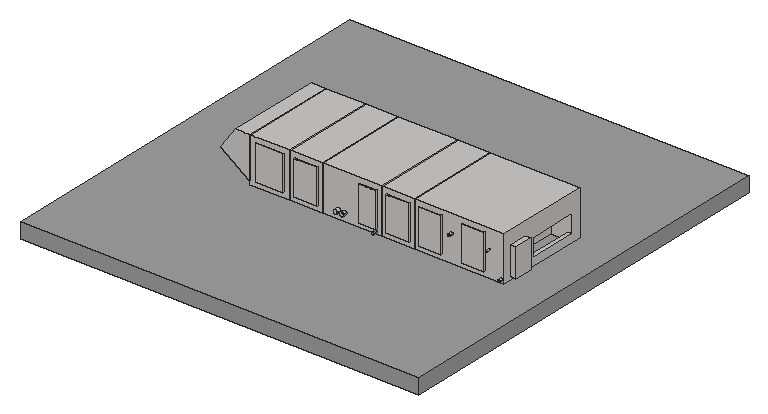
Revit family
Parameters
  Voltage = 480 V
  Unit Weight = 3319.00 lbf
  URL = "http://www.appliedair.com"
  Total Static Pressure [instance] = 0.00 in-wg
  Total Heating Capacity [instance] = 0.0 Btu/h
  Total Cooling Capacity [instance] = 0.0 Btu/h
  Temperature Rise [instance] = 0 °F
  Supply Air Pressure Drop [instance] = 0.00 in-wg
  Supply Air Outlet Flow [instance] = 0 CFM
  Supply Air Inlet Flow [instance] = 0 CFM
  Series = "IFL"  # constant formula
  Return Coil Horizontal Offset = 1' - 1"  # constant formula
  Return Air Inlet Flow [instance] = 0 CFM
  Return Air Flow Height = 1' - 8"  # constant formula
  Refrigerant Type = "R410"
  Refrigerant Supply Pressure [instance] = 0.00 psi
  Refrigerant Supply Flow [instance] = 0 GPM
  Refrigerant Return Pressure [instance] = 0.00 psi
  Refrigerant Return Flow [instance] = 0 GPM
  Product URL = "http://www.appliedair.com/ifl.asp"
  Power Vertical Offset = 1' - 2 1/4"  # constant formula
  Power Horizontal Offset = 2' - 6"  # constant formula
  Power Connection Radius = 0' - 0 3/4"  # constant formula
  Phase = 3
  Number of Rows = 4
  Number of Poles = 3
  Nominal Width = 6' - 4"
  Nominal Length = 18' - 11 5/16"
  Nominal Height = 3' - 0"
  Motor Horsepower (HP) [instance] = 0
  Motor Brake Horsepower (BHP) [instance] = 0
  Motor Amps [instance] = 0 A
  Model = "20"
  Minimum Input = 6000.0 Btu/h
  Minimum Air Flow = 1500 CFM
  Maximum Output = 160000.0 Btu/h
  Maximum Input = 200000.0 Btu/h
  Maximum Air Flow = 5000 CFM
  Manufacturer = "Applied Air"  # constant formula
  M = 3' - 4"
  L = 1' - 2 1/2"
  K = 2' - 4 11/16"
  J = 0' - 6 3/8"
  Heating Leaving Water Temperature [instance] = 0 °F
  Heating Leaving Air Temperature Wet Bulb [instance] = 0 °F
  Heating Leaving Air Temperature Dry Bulb [instance] = 0 °F
  Heating Entering Water Temperature [instance] = 0 °F
  Heating Entering Air Temperature Wet Bulb [instance] = 0 °F
  Heating Entering Air Temperature Dry Bulb [instance] = 0 °F
  Gas Vertical Offset = 1' - 9"  # constant formula
  Gas Horizontal Offset = 0' - 11 1/2"  # constant formula
  Gas Connection Radius = 0' - 0 3/8"  # constant formula
  Filter Face Velocity [instance] = 0 FPM
  Fan Diameter [instance] = 0' - 0"
  Energy Efficiency Rating [instance] = 0
  Design Supply Air Flow [instance] = 0 CFM
  Design Return Air Flow [instance] = 0 CFM
  Condensate Drain Vertical Offset = 0' - 2 3/4"  # constant formula
  Condensate Drain Radius = 0' - 0 3/4"  # constant formula
  Gas Pressure Drop [instance] = 0.00 psi
  Condensate Drain Horizontal Offset = 0' - 1 27/32"  # constant formula
  Condensate Drain Connection Radius = Condensate Drain Radius  # 0' - 0 3/4"
  Furnace Size [instance] = ""
  Frequency = 60 Hz
  Fan Speed (RPM) [instance] = 0
  Drain Flow [instance] = 0 GPM
  Description = "Dedicated Outdoor Air Split System"  # constant formula
  Cooling Sensible Capacity [instance] = 0 Btu/h
  Cooling Leaving Air Temperature Wet Bulb [instance] = 0 °F
  Cooling Leaving Air Temperature Dry Bulb [instance] = 0 °F
  Cooling Entering Air Temperature Wet Bulb [instance] = 0 °F
  Cooling Entering Air Temperature Dry Bulb [instance] = 0 °F
  Cooling Coil Radius = 0' 3" / 2  # 0' - 1 1/2"
  H = 0' - 3 1/16"
  G = 1' - 11 5/16"
  Drain Vertical Offset = 0' - 2"  # constant formula
  Drain Radius = 0' - 1"  # constant formula
  Drain Horizontal Offset = 0' - 5"  # constant formula
  Default Elevation = 4' - 0"
  F = 2' - 2"  # constant formula
  E = 4' - 0"  # constant formula
  D = 5' - 4"
  Combustion Air Flow [instance] = 0 CFM
  Coils Depth = 0' - 3"  # constant formula
  Coil Face Area = if(Choose Coil Option = 1, 14.00 SF, if(Choose Coil Option = 2, 21.25 SF, if(Choose Coil Option = 3, 28.33 SF, 0.00 SF)))  # 21.25 SF
  Coil Air Pressure Drop [instance] = 0.00 in-wg
  Choose Coil Option = 2
  Coils Vertical Offsets = 0' - 6 143/256"  # constant formula
  Supply Coil Horizontal Offset = 1' - 6"  # constant formula
  Burner Amps [instance] = 0 A
  B = 6' - 0"
  Assembly Code = "D3030200"
  Apparent Power [instance] = (Motor Amps + Burner Amps) * Voltage * sqrt(if(Phase = 3, 3, 1))  # 0 VA
  AHU Material = Steel - Applied Air Metal - Series 400 - Galvanized
  51x80 DX Coils = Choose Coil Option = 3  # no
  42x48 DX Coils = Choose Coil Option = 1  # no
  45x68 DX Coils = Choose Coil Option = 2  # yes
Reference planes (in)
  plane 1 "Center (Front/Back)": y = 0
  plane 2: z = -0.00391
  plane 3 "Center (Left/Right)": x = 0
  plane 4: y = 38
  plane 5: y = -38
  plane 6: x = -24
  plane 7: x = 24
  plane 8: x = 50
  plane 9: z = 35.99609
  plane 10: x = 122
  plane 11: x = -50
  plane 12: x = -82
  plane 13: x = -105.3125
  plane 14: x = -11
  plane 15: x = -6
  plane 16: z = 6.55469
  plane 17: y = -41
  plane 18: x = 19
  plane 19: z = 1.99609
  plane 20: x = 80
  plane 21: z = 21.74609
  plane 22: z = 2.74609
  plane 23: x = 120.15625
  plane 24: z = 20.99609
  plane 25: x = 110.5
Forms (in)
  Extrusion 1, solid, material "Default"
    sketch origin (0, 0, 0) x (1, 0, 0) y (0, 1, 0)
      loop
        line (-164.84185, 166) -> (-164.84185, -165.6411) -> (155.35983, -165.6411) -> (155.35983, 166) -> (-164.84185, 166)
    from -0.00391 to -12
  Extrusion 2, solid, material "Steel - Applied Air Metal - Series 400 - Galvanized" <- "AHU Material"
    sketch origin (0.62705, 0, 0) x (1, 0, 0) y (0, 0, 1)
      loop
        line (-24.62705, 0) -> (23.37295, 0) -> (23.37295, 35.99609) -> (-24.62705, 35.99609) -> (-24.62705, 0)
    from -38 to 38
  Extrusion 3, solid, material "Steel - Applied Air Metal - Series 400 - Galvanized" <- "AHU Material"
    sketch origin (66.62705, 0, 0) x (1, 0, 0) y (0, 0, 1)
      loop
        line (-42.62705, 0) -> (-16.62705, 0) -> (-16.62705, 35.99609) -> (-42.62705, 35.99609) -> (-42.62705, 0)
    from -38 to 38
  Extrusion 4, solid, material "Steel - Applied Air Metal - Series 400 - Galvanized" <- "AHU Material"
    sketch origin (120.62705, 0, 0) x (1, 0, 0) y (0, 0, 1)
      loop
        line (-70.62705, 0) -> (1.37295, 0) -> (1.37295, 35.99609) -> (-70.62705, 35.99609) -> (-70.62705, 0)
    from -38 to 38
  Extrusion 5, solid, material "Steel - Applied Air Metal - Series 400 - Galvanized" <- "AHU Material"
    sketch origin (-17.37295, 0, 0) x (1, 0, 0) y (0, 0, 1)
      loop
        line (-32.62705, -0.00391) -> (-6.62705, -0.00391) -> (-6.62705, 35.99609) -> (-32.62705, 35.99609) -> (-32.62705, -0.00391)
    from -38 to 38
  Extrusion 6, solid, material "Steel - Applied Air Metal - Series 400 - Galvanized" <- "AHU Material"
    sketch origin (-41.37295, 0, 0) x (1, 0, 0) y (0, 0, 1)
      loop
        line (-40.62705, -0.00391) -> (-8.62705, -0.00391) -> (-8.62705, 35.99609) -> (-40.62705, 35.99609) -> (-40.62705, -0.00391)
    from -38 to 38
  Extrusion 7, solid, material "Steel - Applied Air Metal - Series 400 - Galvanized" <- "AHU Material"
    sketch origin (0, 0, 0) x (1, 0, 0) y (0, 0, 1)
      loop
        line (-105.3125, 18.99609) -> (-82, 2.74609) -> (-82, 35.99609) -> (-93.64494, 35.99609) -> (-105.3125, 18.99609)
    from -38 to 38
  Extrusion 8, void
    sketch origin (0, 0, 0) x (1, 0, 0) y (0, 1, 0)
      loop
        line (-75, 32) -> (-75, -32) -> (-55, -32) -> (-55, 32) -> (-75, 32)
    from -0.00391 to 31.59567
  Extrusion 9, void
    sketch origin (0, 0, 0) x (1, 0, 0) y (0, 1, 0)
      loop
        line (118.9375, -9.3125) -> (118.9375, 30.6875) -> (104.4375, 30.6875) -> (104.4375, -9.3125) -> (118.9375, -9.3125)
    from 0 to 21.23232
  Extrusion 10, void
    sketch origin (0, 0, 0) x (1, 0, 0) y (0, 0, 1)
      loop
        line (122, 6.37109) -> (122, 20.87109) -> (104.4375, 20.87109) -> (104.4375, 6.37109) -> (122, 6.37109)
    from -30.6875 to 9.3125
  Extrusion 11, solid, material "Steel - Applied Air Metal - Series 400 - Galvanized" <- "AHU Material", detail levels medium+fine
    sketch origin (0, 0, 0) x (1, 0, 0) y (0, 1, 0)
      loop
        line (122, -17) -> (122, -32) -> (127, -32) -> (127, -17) -> (122, -17)
    from 3.06225 to 25.87762
  Extrusion 12, solid, material "Steel - Applied Air Metal - Series 400 - Galvanized" <- "AHU Material", detail levels fine
    sketch origin (0, 0, 0) x (1, 0, 0) y (0, 0, 1)
      loop
        circle (-6, 6.55469) r 1.5
      loop
        circle (-11, 6.55469) r 1.5
      loop
        circle (19, 1.99609) r 1
      loop
        circle (80, 21.74609) r 0.75
      loop
        circle (120.15625, 2.74609) r 0.75
      loop
        circle (110.5, 20.99609) r 0.375
    from 38 to 41
  Extrusion 13, solid, material "Steel - Applied Air Metal - Series 400 - Galvanized" <- "AHU Material", detail levels medium+fine
    sketch origin (0, -38, 0) x (1, 0, 0) y (0, 0, 1)
      loop
        line (-55, 31.99609) -> (-77, 31.99609) -> (-77, 3.99609) -> (-55, 3.99609) -> (-55, 31.99609)
      loop
        line (-28, 31.99609) -> (-46, 31.99609) -> (-46, 3.99609) -> (-28, 3.99609) -> (-28, 31.99609)
      loop
        line (20, 31.99609) -> (6, 31.99609) -> (6, 3.99609) -> (20, 3.99609) -> (20, 31.99609)
      loop
        line (46, 31.99609) -> (28, 31.99609) -> (28, 3.99609) -> (46, 3.99609) -> (46, 31.99609)
      loop
        line (72, 31.99609) -> (54, 31.99609) -> (54, 3.99609) -> (72, 3.99609) -> (72, 31.99609)
      loop
        line (107, 31.99609) -> (89, 31.99609) -> (89, 3.99609) -> (107, 3.99609) -> (107, 31.99609)
    from 0 to 1
Cuts and joins
  Extrusion 8 cuts Extrusion 6
  Extrusion 9, Extrusion 10 cuts Extrusion 4
Lines and regions (in)
  symbolic lines
    curve 1: line (-105.3125, 38, -0.00391) -> (122, 38, -0.00391)
    curve 2: line (122, 38, -0.00391) -> (122, -38, -0.00391)
    curve 3: line (122, -38, -0.00391) -> (-105.3125, -38, -0.00391)
    curve 4: line (-105.3125, -38, -0.00391) -> (-105.3125, 38, -0.00391)
  symbolic lines, detail levels fine
    curve 5: line (-82, 38, -0.00391) -> (-82, -38, -0.00391)
    curve 6: line (-50, 38, -0.00391) -> (-50, -38, -0.00391)
    curve 7: line (-24, 38, -0.00391) -> (-24, -38, -0.00391)
    curve 8: line (24, 38, -0.00391) -> (24, -38, -0.00391)
    curve 9: line (50, 38, -0.00391) -> (50, -38, -0.00391)
    curve 13: line (-93.64494, -38, -0.00391) -> (-93.64494, 38, -0.00391)
  symbolic lines, detail levels medium+fine
    curve 10: line (127, -32, -0.00391) -> (127, -17, -0.00391)
    curve 11: line (127, -17, -0.00391) -> (122, -17, -0.00391)
    curve 12: line (122, -32, -0.00391) -> (127, -32, -0.00391)
Dimensions and locks (in)
  "Nominal Width": plane 5 to plane 4
  "E": plane 6 to plane 7
  equal spacing: plane 6, plane 3 "Center (Left/Right)", plane 7
  "Nominal Height": plane 9 to plane 2
  "F": plane 7 to plane 8
  "F": plane 11 to plane 6
  locked: plane 12 to plane 11 at 32
  "B": plane 8 to plane 10
  "G": plane 13 to plane 12
  "D": Extrusion 8 sketch curve to Extrusion 8 sketch curve
  "Return Air Flow Height": Extrusion 8 sketch curve to Extrusion 8 sketch curve
  "K": plane 5 to Extrusion 9 sketch curve
  "M": Extrusion 9 sketch curve to Extrusion 9 sketch curve
  "H": Extrusion 9 sketch curve to plane 10
  "L": Extrusion 9 sketch curve to Extrusion 9 sketch curve
  "J": Extrusion 10 sketch curve to plane 2
  "L": Extrusion 10 sketch curve to Extrusion 10 sketch curve
  "K": cut or joined group of Extrusion 4, Extrusion 9, Extrusion 10 to plane 5
  "M": cut or joined group of Extrusion 4, Extrusion 9, Extrusion 10 to cut or joined group of Extrusion 4, Extrusion 9, Extrusion 10
  plane 9 to Extrusion 11 = 0' - 10.11847"
  locked: Extrusion 11 to Extrusion 11 at 22.81538
  locked: Extrusion 11 to plane 2 at 3.06615
  locked: Extrusion 11 to Extrusion 11 at 5
  "Coils Depth": plane 17 to plane 5
  "Return Coil Horizontal Offset": plane 6 to plane 14
  "Supply Coil Horizontal Offset": plane 6 to plane 15
  "Drain Vertical Offset": plane 19 to plane 2
  "Drain Horizontal Offset": plane 18 to plane 7
  locked: plane 12 to Extrusion 13 sketch curve at 5
  locked: Extrusion 13 sketch curve to plane 11 at 5
  locked: plane 9 to Extrusion 13 sketch curve at 4  (x6)
  locked: Extrusion 13 sketch curve to plane 2 at 4  (x6)
  locked: plane 11 to Extrusion 13 sketch curve at 4
  locked: Extrusion 13 sketch curve to plane 6 at 4
  locked: plane 6 to Extrusion 13 sketch curve at 30
  locked: Extrusion 13 sketch curve to plane 7 at 4
  locked: plane 7 to Extrusion 13 sketch curve at 4
  locked: Extrusion 13 sketch curve to plane 8 at 4
  locked: plane 8 to Extrusion 13 sketch curve at 4
  locked: Extrusion 13 sketch curve to Extrusion 13 sketch curve at 17
  locked: Extrusion 13 sketch curve to plane 10 at 15
  "Power Vertical Offset": plane 9 to plane 21
  "Power Horizontal Offset": plane 8 to plane 20
  locked: Extrusion 13 to plane 5 at 1
  "Condensate Drain Vertical Offset": plane 22 to plane 2
  plane 13 to plane 10 = 18' - 11 5/16"
  "Condensate Drain Horizontal Offset": plane 23 to plane 10
  locked: Extrusion 7 sketch curve to plane 13 at 0
  locked: Extrusion 7 sketch curve to plane 9 at 0
  locked: Extrusion 7 sketch curve to plane 12 at 0
  locked: Extrusion 7 sketch curve to plane 22 at 0
  locked: plane 12 to Extrusion 7 sketch curve at 11.64494
  "Gas Vertical Offset": plane 24 to plane 2
  "Gas Horizontal Offset": plane 25 to plane 10
  locked: Extrusion 12 sketch curve to plane 15 at 0
  locked: Extrusion 12 sketch curve to plane 18 at 0
  locked: Extrusion 12 sketch curve to plane 20 at 0
  locked: Extrusion 12 sketch curve to plane 24 at 0
  locked: Extrusion 12 sketch curve to plane 25 at 0
  locked: Extrusion 12 sketch curve to plane 22 at 0
  locked: Extrusion 12 sketch curve to plane 23 at 0
  locked: Extrusion 12 sketch curve to plane 19 at 0
  locked: Extrusion 12 sketch curve to plane 16 at 0
  locked: Extrusion 12 sketch curve to plane 21 at 0
  locked: cut or joined group of Extrusion 6, Extrusion 8 to plane 2 at 31.59958
  locked: Extrusion 8 sketch curve to plane 11 at 5
  "Coils Vertical Offsets": plane 16 to plane 2
  locked: plane 14 to Extrusion 12 sketch curve at 0
  locked: plane 16 to Extrusion 12 sketch curve at 0
  "L": cut or joined group of Extrusion 4, Extrusion 9, Extrusion 10 to Extrusion 10 sketch curve
  "Cooling Coil Radius": radius of Extrusion 12 sketch curve  (x2)
  "Drain Radius": radius of Extrusion 12 sketch curve
  "Power Connection Radius": radius of Extrusion 12 sketch curve
  "Condensate Drain Connection Radius": radius of Extrusion 12 sketch curve
  "Gas Connection Radius": radius of Extrusion 12 sketch curve
  aligned and locked: plane 2 to Extrusion 1
  aligned and locked: Extrusion 2 to plane 4
  aligned and locked: plane 5 to Extrusion 2
  aligned and locked: plane 6 to Extrusion 2
  aligned and locked: plane 7 to Extrusion 2
  aligned and locked: plane 7 to Extrusion 3
  aligned and locked: Extrusion 3 to plane 8
  aligned and locked: plane 9 to Extrusion 2
  aligned and locked: Extrusion 3 to Extrusion 2
  aligned and locked: plane 5 to Extrusion 3
  aligned and locked: Extrusion 3 to plane 4
  aligned and locked: Extrusion 4 to plane 9
  aligned and locked: plane 8 to Extrusion 4
  aligned and locked: Extrusion 4 to plane 10
  aligned and locked: plane 5 to Extrusion 4
  aligned and locked: Extrusion 4 to plane 4
  aligned and locked: Extrusion 5 to plane 6
  aligned and locked: plane 11 to Extrusion 5
  aligned and locked: Extrusion 5 to plane 9
  aligned and locked: Extrusion 5 to plane 2
  aligned and locked: Extrusion 5 to plane 4
  aligned and locked: plane 5 to Extrusion 5
  aligned and locked: plane 5 to Extrusion 6
  aligned and locked: Extrusion 6 to plane 4
  aligned and locked: plane 12 to Extrusion 6
  aligned and locked: Extrusion 6 to plane 11
  aligned and locked: Extrusion 6 to plane 9
  aligned and locked: Extrusion 6 to plane 2
  aligned and locked: Extrusion 7 to plane 9
  aligned and locked: plane 13 to Extrusion 7
  aligned and locked: Extrusion 7 to plane 12
  aligned and locked: Extrusion 7 to plane 4
  aligned and locked: plane 5 to Extrusion 7
  aligned and locked: Extrusion 9 to level
  aligned: cut or joined group of Extrusion 4, Extrusion 9, Extrusion 10 to Extrusion 10 sketch curve
  aligned and locked: plane 10 to Extrusion 10 sketch curve
  aligned and locked: plane 10 to Extrusion 11
  aligned and locked: plane 5 to Extrusion 12
  aligned and locked: plane 17 to Extrusion 12
  aligned and locked: Extrusion 13 to plane 5
  aligned and locked: cut or joined group of Extrusion 4, Extrusion 9, Extrusion 10 to plane 5
  aligned and locked: cut or joined group of Extrusion 6, Extrusion 8 to plane 2
  aligned and locked: plane 4 to curve 1
  aligned and locked: curve 4 to plane 13
  aligned and locked: curve 3 to plane 5
  aligned and locked: plane 10 to curve 2
  aligned and locked: plane 12 to curve 5
  aligned and locked: plane 11 to curve 6
  aligned and locked: plane 6 to curve 7
  aligned and locked: plane 7 to curve 8
  aligned and locked: plane 8 to curve 9
  aligned and locked: curve 10 to Extrusion 11
  aligned and locked: curve 11 to Extrusion 11
  aligned and locked: curve 12 to Extrusion 11
Automatic sketch dimensions
  Extrusion 1 sketch curve to Extrusion 1 sketch curve = 26' - 8.20168"
  Extrusion 1 sketch curve to Extrusion 1 sketch curve = 27' - 7.6411"
  plane 21 to Extrusion 7 sketch curve = 0' - 2 3/4"
  Extrusion 2 sketch curve to level = 0' - 0"
  plane 6 to Extrusion 2 sketch curve = 0' - 0"
  plane 7 to Extrusion 2 sketch curve = 0' - 0"
  Extrusion 2 sketch curve to plane 9 = 0' - 0"
  Extrusion 3 sketch curve to level = 0' - 0"
  plane 7 to Extrusion 3 sketch curve = 0' - 0"
  plane 8 to Extrusion 3 sketch curve = 0' - 0"
  Extrusion 3 sketch curve to plane 9 = 0' - 0"
  Extrusion 4 sketch curve to level = 0' - 0"
  plane 8 to Extrusion 4 sketch curve = 0' - 0"
  Extrusion 4 sketch curve to plane 9 = 0' - 0"
  plane 10 to Extrusion 4 sketch curve = 0' - 0"
  Extrusion 5 sketch curve to plane 2 = 0' - 0"
  plane 11 to Extrusion 5 sketch curve = 0' - 0"
  plane 6 to Extrusion 5 sketch curve = 0' - 0"
  Extrusion 5 sketch curve to plane 9 = 0' - 0"
  Extrusion 6 sketch curve to plane 2 = 0' - 0"
  plane 12 to Extrusion 6 sketch curve = 0' - 0"
  Extrusion 6 sketch curve to plane 9 = 0' - 0"
  plane 11 to Extrusion 6 sketch curve = 0' - 0"
  Extrusion 8 sketch curve to plane 5 = 0' - 6"
  Extrusion 11 sketch curve to plane 10 = 0' - 0"
  Extrusion 11 sketch curve to Extrusion 11 sketch curve = 0' - 5"
  Extrusion 11 sketch curve to plane 5 = 0' - 6"
  Extrusion 11 sketch curve to Extrusion 11 sketch curve = 1' - 3"
  plane 20 to Extrusion 13 sketch curve = 0' - 8"
  plane 12 to curve 13 = 0' - 11.64494"
Connectors (in)
  hvac at (-65, 0, -0.00391), driven by "D", driven by "Return Air Flow Height", driven by "Return Air Inlet Flow"
    settings: on cut or joined group of Extrusion 6, Extrusion 8, index 2
  hvac at (111.6875, 10.6875, 0), driven by "M", driven by "L", driven by "Supply Air Outlet Flow"
    settings: on cut or joined group of Extrusion 4, Extrusion 9, Extrusion 10, index 3
  hvac at (122, 10.6875, 13.62109), driven by "M", driven by "L", driven by "Supply Air Outlet Flow"
    settings: on cut or joined group of Extrusion 4, Extrusion 9, Extrusion 10, index 4
  piping at (-11, -41, 6.55469), driven by "Cooling Coil Radius", driven by "Refrigerant Return Flow", driven by "Refrigerant Return Pressure"
    settings: on Extrusion 12, index 5
  piping at (-6, -41, 6.55469), driven by "Cooling Coil Radius", driven by "Refrigerant Supply Flow", driven by "Refrigerant Supply Pressure"
    settings: on Extrusion 12, index 6
  piping at (19, -41, 1.99609), driven by "Drain Radius", driven by "Drain Flow"
    settings: on Extrusion 12, index 7
  electrical at (80, -41, 21.74609), driven by "Number of Poles", driven by "Apparent Power", driven by "Voltage"
    settings: on Extrusion 12, index 8
  piping at (120.15625, -41, 2.74609), driven by "Condensate Drain Radius", driven by "Drain Flow", driven by "Gas Pressure Drop"
    settings: on Extrusion 12, index 9
  piping at (110.5, -41, 20.99609), driven by "Gas Connection Radius", driven by "Gas Pressure Drop"
    settings: on Extrusion 12, index 10
  hvac at (-93.65625, 0, 10.87109), driven by "Return Air Flow Height", driven by "D", driven by "Supply Air Inlet Flow"
    settings: on Extrusion 7, index 11
